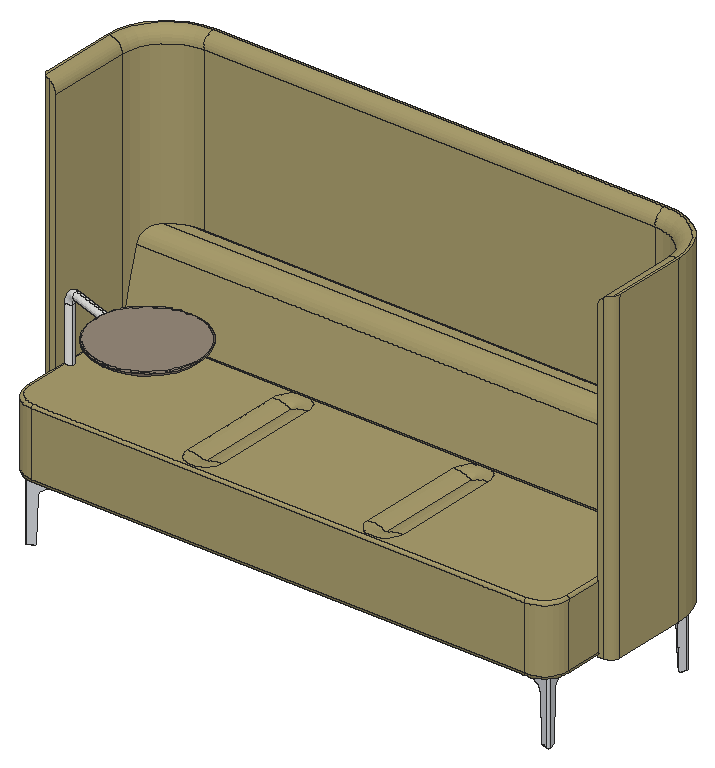
Revit family "NAU_Naughtone_Stng_PullmanSofaWIP20", category Furniture, Revit 2017
Family settings
  OmniClass Number = 23.40.20.00
  OmniClass Title = General Furniture and Specialties
  Work Plane-Based = No
  Always vertical = Yes
  Cut with Voids When Loaded = No
  Shared = Yes
  Room Calculation Point = No
Parameters (values of type "Pullman 3 seat sofa with tablet arm (right) PUL3HTR")
  WorksurfaceArea = 0.00 m²
  WarrantyStartDate [instance] = "1900-12-31T23:59:59"
  WarrantyGuarantorParts = "sales@naughtone.com"
  WarrantyGuarantorLabor = "sales@naughtone.com"
  WarrantyDurationUnit = "year"
  WarrantyDurationParts = "7"  # constant formula
  WarrantyDurationLabor = "7"  # constant formula
  WarrantyDescription = "Request warranty information from naughtone"
  Version = "1"
  Uniclass2015Version = "Products v1.15"  # constant formula
  Uniclass2015Title = "Chairs, seats and benches"  # constant formula
  Uniclass2015Code = "Pr_40_50_12"  # constant formula
  Uniclass2 = "n/a"
  URL = "www.naughtone.com"
  TagNumber [instance] = "n/a"
  TabletMaterial = NAU_Naughtone_Wood_Oak
  TableOffset = 421 mm
  SustainabilityPerformance = "FSC certifeied, SCS indoor advantage gold"  # constant formula
  Style = "n/a"
  Size = "1900 x 675 x 1300mm\r\n\r\n"  # constant formula
  Shape = "Rectangular"  # constant formula
  SerialNumber [instance] = "n/a"
  SeatingHeight [instance] = 450 mm  # constant formula
  SeatMaterial = NAU_Maharam_Fabric_Teatro_007Yellow
  Revision = "n/a"
  ReplacementCost = "n/a"
  ProductInformation = "www.naughtone.com/products/pullman/"
  NumberOfChairs = 0
  NominalWidth = 626 mm  # constant formula
  NominalLength = 1900 mm  # constant formula
  NominalHeight = 1300 mm  # constant formula
  Name = "Seating_Pullman_Pullman3seatsofawithtabletarmright_Naughtone"
  NBSTypeID = "n/a"
  NBSReference = "45-35-72/352"
  NBSOfficeMasterTag = "n/a"
  NBSDescription = "Seating"
  ModelReference = "Pullman 3 seat sofa with tablet arm right"
  ModelNumber = "PUL3HTR"
  Model = ModelNumber  # "PUL3HTR"
  Material = "Fabric, plywood frame, foam, steel or wood legs, steel tablet arm, wooden table top"
  ManufacturerURL = "www.naughtone.com"
  ManufacturerName = "Naughtone"  # constant formula
  ManufacturerAddress = "Knaresborough Tech Park, Manse Lane, Knaresborough, HG5 8LF"  # constant formula
  Manufacturer = "sales@naughtone.com"
  MainColor = Color  # "Various"
  LowestSeatingHeight [instance] = 450 mm  # constant formula
  LegMaterial = NAU_Naughtone_Metal_Steel_White
  Keynote = Uniclass2015Code  # "Pr_40_50_12"
  IsRightTablet = yes
  IsLeftTablet = no
  InstallationDate [instance] = "1900-12-31T23:59:59"
  IfcExportType = "SOFA"  # constant formula
  IfcExportAs = "IfcFurnishingElementType"
  HighestSeatingHeight [instance] = 450 mm  # constant formula
  HasBackBoard = yes
  Grade = "n/a"
  FrameMaterial = NAU_Naughtone_EPC_White
  Finish = "Fabric upholstery; white EPC/black EPC/oak/walnut legs; whiteEPC/black EPC tablet arm; white MFMDF/black MFMDF/oak veneer MDF/walnut veneerMDF tablet top"
  Features = "n/a"
  ExpectedLife = "n/a"
  DurationUnit = "year"
  Description = ModelReference  # "Pullman 3 seat sofa with tablet arm right"
  CushionOffset = if(NominalLength = 1900 mm, 700 mm, 10 mm)  # 700 mm
  ContactTelephoneNumber = "+44 (0)1423 816500"  # constant formula
  ContactEmailAddress = "sales@naughtone.com"
  Constituents = "n/a"
  Color = "Various"
  CodePerformance = "n/a"
  Category = "Pr_40_50_12 : Chairs, seats and benches"  # constant formula
  BoothMaterial = NAU_Maharam_Fabric_Teatro_007Yellow
  BarCode [instance] = "n/a"
  BIMObjectName = "NAU_Naughtone_Seating_Pullman_Pullman3seatsofawithtabletarmright"
  Author = "BIMBox"  # constant formula
  AssetType = "Movable"
  AssetIdentifier [instance] = "n/a"
  Assembly Code = "E2020200"
  AccessibilityPerformance = "n/a"  # constant formula
Types (4, lengths in mm): name | Name | ModelReference | ModelNumber | Model | Material | IsRightTablet | IsLeftTablet | Finish | Description | BIMObjectName
  Pullman 3 seat sofa with 2 tablet arms PUL3HT2 | "Seating_Pullman_Pullman3seatsofawith2tabletarms_Naughtone" | "Pullman 3 seat sofa with 2 tablet arms" | "PUL3HT2" | "PUL3HT2" | "Fabric, plywood frame, foam, steel or wood legs, steel tablet arm, wooden table top" | yes | yes | "Fabric upholstery; white EPC/black EPC/oak/walnut legs; whiteEPC/black EPC tablet arm; white MFMDF/black MFMDF/oak veneer MDF/walnut veneerMDF tablet top" | "Pullman 3 seat sofa with 2 tablet arms" | "NAU_Naughtone_Seating_Pullman_Pullman3seatsofawith2tabletarms"
  Pullman 3 seat sofa with tablet arm (left) PUL3HTL | "Seating_Pullman_Pullman3seatsofawithtabletarmleft_Naughtone" | "Pullman 3 seat sofa with tablet arm left" | "PUL3HTL" | "PUL3HTL" | "Fabric, plywood frame, foam, steel or wood legs, steel tablet arm, wooden table top" | no | yes | "Fabric upholstery; white EPC/black EPC/oak/walnut legs; whiteEPC/black EPC tablet arm; white MFMDF/black MFMDF/oak veneer MDF/walnut veneerMDF tablet top" | "Pullman 3 seat sofa with tablet arm left" | "NAU_Naughtone_Seating_Pullman_Pullman3seatsofawithtabletarmleft"
  Pullman 3 seat sofa with tablet arm (right) PUL3HTR | "Seating_Pullman_Pullman3seatsofawithtabletarmright_Naughtone" | "Pullman 3 seat sofa with tablet arm right" | "PUL3HTR" | "PUL3HTR" | "Fabric, plywood frame, foam, steel or wood legs, steel tablet arm, wooden table top" | yes | no | "Fabric upholstery; white EPC/black EPC/oak/walnut legs; whiteEPC/black EPC tablet arm; white MFMDF/black MFMDF/oak veneer MDF/walnut veneerMDF tablet top" | "Pullman 3 seat sofa with tablet arm right" | "NAU_Naughtone_Seating_Pullman_Pullman3seatsofawithtabletarmright"
  Pullman 3 seat sofa PUL3H | "Seating_Pullman_Pullman3seatsofa_Naughtone\r\nSeating_Pullman_Pullman3seatsofa_Naughtone" | "Pullman 3 seat sofa" | "PULB3H" | "PULB3H" | "Fabric, plywood frame, foam, steel or wood legs" | no | no | "Fabric upholstery; white EPC/black EPC/oak/walnut legs" | "Pullman 3 seat sofa" | "NAU_Naughtone_Seating_Pullman_Pullman3seatsofa"
Reference planes
  plane 1 "Back": x = 338.202
  plane 2: z = 0
  plane 3: x = -1561.798
  plane 4: x = -1515.496
  plane 5: x = -1523.987
  plane 6: x = 290.851
  plane 7: x = 299.342
  plane 8: x = -611.798
  plane 9: x = -311.798
  plane 10: x = -911.798
  plane 11: y = -637
  plane 12: y = -1263
  plane 13: y = -950
  plane 14 "AA": through (-1386.624, -1060.463, 1200) normal (0.3256, 0.9455, 0)
  plane 15: z = 692.191
  plane 16: z = 686.19
  plane 17: z = 674.191
  plane 18: z = 674.191
  plane 19: z = 671.058
  plane 20: y = -587
  plane 21: z = 212.778
  plane 22: z = 1293.743
  plane 23: through (163.028, -1060.463, 1200) normal (0.3256, -0.9455, 0)
  plane 24: x = -1140.798
  plane 25: x = -82.798
  plane 26: y = -1145.102
  plane 27: y = -1020.99
  plane 28: x = -1498.452
  plane 29: x = 274.856
  plane 30: z = 391.058
  plane 31: z = 218.999
  plane 32: x = -1611.798
  plane 33: x = 388.202
Forms (mm)
  Extrusion 1, solid, material "NAU_Maharam_Fabric_Teatro_007Yellow" <- "SeatMaterial"
    sketch origin (-262.322, -1561.798, 0) x (0, -1, 0) y (1, 0, 0)
      loop
        arc (-924.448, -1100.524) -> (-880.514, -1206.59) -> (-774.448, -1250.524) r 150
        line (-774.448, -1250.524) -> (-380.798, -1250.524)
        arc (-380.798, -1250.524) -> (-322.815, -1226.507) -> (-298.798, -1168.524) r 82
        line (-298.798, -1168.524) -> (-298.798, 468.524)
        arc (-298.798, 468.524) -> (-322.815, 526.507) -> (-380.798, 550.524) r 82
        line (-380.798, 550.524) -> (-774.448, 550.524)
        arc (-774.448, 550.524) -> (-880.514, 506.59) -> (-924.448, 400.524) r 150
        line (-924.448, 400.524) -> (-924.448, -1100.524)
    from 212.711 to 442.875
  Sweep 2, void
    path in 3D
      loop
        arc (206.202, -1263, 442.875) -> (264.185, -1238.983, 442.875) -> (288.202, -1181, 442.875) r 82
        line (288.202, -1181, 442.875) -> (288.202, -787.35, 442.875)
        arc (288.202, -787.35, 442.875) -> (244.268, -681.284, 442.875) -> (138.202, -637.35, 442.875) r 150
        line (138.202, -637.35, 442.875) -> (-1362.847, -637.35, 442.875)
        arc (-1362.847, -637.35, 442.875) -> (-1468.913, -681.284, 442.875) -> (-1512.847, -787.35, 442.875) r 150
        line (-1512.847, -787.35, 442.875) -> (-1512.847, -1181, 442.875)
        arc (-1512.847, -1181, 442.875) -> (-1488.83, -1238.983, 442.875) -> (-1430.847, -1263, 442.875) r 82
        line (-1430.847, -1263, 442.875) -> (206.202, -1263, 442.875)
    profile origin (-612.322, -1263, 442.875) x (0, 1, 0) y (0, 0, 1)
      loop
        line (0, 0) -> (0, -10)
        arc (0, -10) -> (2.929, -2.929) -> (10, 0) r 10
        line (10, 0) -> (0, 0)
      loop
        line (0, -230.163) -> (10, -230.163)
        arc (10, -230.163) -> (2.929, -227.234) -> (0, -220.163) r 10
        line (0, -220.163) -> (0, -230.163)
  Extrusion 3, solid, material "NAU_Maharam_Fabric_Teatro_007Yellow" <- "SeatMaterial"
    sketch origin (338.202, 0, 0) x (0, -1, 0) y (0, 0, 1)
      loop
        arc (779.96, 442.875) -> (784.651, 445.112) -> (785.864, 450.166) r 6.036
        line (785.864, 450.166) -> (738.92, 671.018)
        arc (738.92, 671.018) -> (717.991, 705.173) -> (680.231, 718.544) r 60
        line (680.231, 718.544) -> (644.35, 718.544)
        arc (644.35, 718.544) -> (639.4, 716.494) -> (637.35, 711.544) r 7
        line (637.35, 711.544) -> (637.35, 442.875) -> (779.96, 442.875)
    from -50 to 1950
  Extrusion 4, void
    sketch origin (338.202, -1561.798, 0) x (1, 0, 0) y (0, 0, 1)
      loop
        line (-590.909, 442.875) -> (-709.091, 442.875)
        arc (-709.091, 442.875) -> (-678.783, 439.455) -> (-650, 429.368) r 136.01
        arc (-650, 429.368) -> (-621.217, 439.455) -> (-590.909, 442.875) r 136.01
    from -370.9 to -724.9
  Extrusion 5, void
    sketch origin (338.202, -1561.798, 0) x (1, 0, 0) y (0, 0, 1)
      loop
        line (-1190.909, 442.875) -> (-1309.091, 442.875)
        arc (-1309.091, 442.875) -> (-1278.783, 439.455) -> (-1250, 429.368) r 136.01
        arc (-1250, 429.368) -> (-1221.217, 439.455) -> (-1190.909, 442.875) r 136.01
    from -724.9 to -370.9
  Revolve 6, void
    sketch origin (338.202, -1190.898, 0) x (1, 0, 0) y (0, 0, 1)
      loop
        arc (-709.091, 442.875) -> (-678.783, 439.455) -> (-650, 429.368) r 136.01
        line (-650, 429.368) -> (-650, 442.875) -> (-709.091, 442.875)
      axis (-650, 442.875) -> (-650, 429.368)
    angle from -180 to 0
  Revolve 7, void
    sketch origin (338.202, -836.898, 0) x (1, 0, 0) y (0, 0, 1)
      loop
        arc (-650, 429.368) -> (-621.217, 439.455) -> (-590.909, 442.875) r 136.01
        line (-590.909, 442.875) -> (-650, 442.875) -> (-650, 429.368)
      axis (-650, 442.875) -> (-650, 429.368)
    angle from 0 to 180
  Revolve 8, void
    sketch origin (338.202, -1190.898, 0) x (1, 0, 0) y (0, 0, 1)
      loop
        arc (-1309.091, 442.875) -> (-1278.783, 439.455) -> (-1250, 429.368) r 136.01
        line (-1250, 429.368) -> (-1250, 442.875) -> (-1309.091, 442.875)
      axis (-1250, 429.368) -> (-1250, 442.875)
    angle from -180 to 0
  Revolve 9, void
    sketch origin (338.202, -836.898, 0) x (1, 0, 0) y (0, 0, 1)
      loop
        arc (-1250, 429.368) -> (-1221.217, 439.455) -> (-1190.909, 442.875) r 136.01
        line (-1190.909, 442.875) -> (-1250, 442.875) -> (-1250, 429.368)
      axis (-1250, 429.368) -> (-1250, 442.875)
    angle from 0 to 180
  Extrusion 10, solid, material "NAU_Maharam_Fabric_Teatro_007Yellow" <- "BoothMaterial", visible <- "HasBackBoard"
    sketch origin (-90.01, -1561.169, 0) x (0, -1, 0) y (1, 0, 0)
      loop
        line (-774.169, -1471.788) -> (-530, -1471.788)
        arc (-530, -1471.788) -> (-508.787, -1463.001) -> (-500, -1441.788) r 30
        line (-500, -1441.788) -> (-500, -1421.788) -> (-774.169, -1421.788)
        arc (-774.169, -1421.788) -> (-880.235, -1377.854) -> (-924.169, -1271.788) r 150
        line (-924.169, -1271.788) -> (-924.169, 228.212)
        arc (-924.169, 228.212) -> (-880.235, 334.278) -> (-774.169, 378.212) r 150
        line (-774.169, 378.212) -> (-500, 378.212) -> (-500, 398.212)
        arc (-500, 398.212) -> (-508.787, 419.426) -> (-530, 428.212) r 30
        line (-530, 428.212) -> (-774.169, 428.212)
        arc (-774.169, 428.212) -> (-915.59, 369.634) -> (-974.169, 228.212) r 200
        line (-974.169, 228.212) -> (-974.169, -1271.788)
        arc (-974.169, -1271.788) -> (-915.59, -1413.209) -> (-774.169, -1471.788) r 200
    from 212.778 to 1293.743
  Sweep 11, void
    path in 3D
      loop
        line (-1511.798, -1061.169, 1293.743) -> (-1511.798, -787, 1293.743)
        arc (-1511.798, -787, 1293.743) -> (-1467.864, -680.934, 1293.743) -> (-1361.798, -637, 1293.743) r 150
        line (-1361.798, -637, 1293.743) -> (138.202, -637, 1293.743)
        arc (138.202, -637, 1293.743) -> (244.268, -680.934, 1293.743) -> (288.202, -787, 1293.743) r 150
        line (288.202, -787, 1293.743) -> (288.202, -1061.169, 1293.743)
    profile origin (-1511.798, -924.084, 1293.743) x (-1, 0, 0) y (0, 0, 1)
      loop
        line (50, 20) -> (-19.448, 20) -> (-19.448, -65) -> (0, -65) -> (0, -41.9)
        arc (0, -41.9) -> (12.272, -12.272) -> (41.9, 0) r 41.9
        line (41.9, 0) -> (50, 0) -> (50, 20)
  Extrusion 12, void
    sketch origin (-90.01, -1561.169, 0) x (0, -1, 0) y (1, 0, 0)
      loop
        arc (-774.169, -1421.788) -> (-880.235, -1377.854) -> (-924.169, -1271.788) r 150
        line (-924.169, -1271.788) -> (-924.169, 228.212)
        arc (-924.169, 228.212) -> (-880.235, 334.278) -> (-774.169, 378.212) r 150
        line (-774.169, 378.212) -> (-298.169, 378.212) -> (-298.169, 478.212) -> (-974.169, 478.212) -> (-974.169, -1521.788) -> (-298.169, -1521.788) -> (-298.169, -1421.788) -> (-774.169, -1421.788)
    from 212.778 to 1293.743
Cuts and joins
  Sweep 2, Extrusion 4, Extrusion 5, Revolve 6, Revolve 7, Revolve 8, Revolve 9 cuts Extrusion 1
  Sweep 11 cuts Extrusion 10
  Extrusion 12 cuts Extrusion 3
Lines and regions (mm)
  sketch lines
    curve 1: line (-1430.847, -1263, 442.875) -> (206.202, -1263, 442.875)
    curve 2: arc (288.202, -1181, 442.875) -> (264.185, -1238.983, 442.875) -> (206.202, -1263, 442.875) r 82
    curve 3: line (288.202, -1181, 442.875) -> (288.202, -787.35, 442.875)
    curve 4: arc (138.202, -637.35, 442.875) -> (244.268, -681.284, 442.875) -> (288.202, -787.35, 442.875) r 150
    curve 5: line (138.202, -637.35, 442.875) -> (-1362.847, -637.35, 442.875)
    curve 6: arc (-1512.847, -787.35, 442.875) -> (-1468.913, -681.284, 442.875) -> (-1362.847, -637.35, 442.875) r 150
    curve 7: line (-1512.847, -787.35, 442.875) -> (-1512.847, -1181, 442.875)
    curve 8: arc (-1430.847, -1263, 442.875) -> (-1488.83, -1238.983, 442.875) -> (-1512.847, -1181, 442.875) r 82
    curve 9: line (-1511.798, -1061.169, 1293.743) -> (-1511.798, -787, 1293.743)
    curve 10: arc (-1361.798, -637, 1293.743) -> (-1467.864, -680.934, 1293.743) -> (-1511.798, -787, 1293.743) r 150
    curve 11: line (-1361.798, -637, 1293.743) -> (138.202, -637, 1293.743)
    curve 12: arc (288.202, -787, 1293.743) -> (244.268, -680.934, 1293.743) -> (138.202, -637, 1293.743) r 150
    curve 13: line (288.202, -787, 1293.743) -> (288.202, -1061.169, 1293.743)
Dimensions and locks
  "NominalLength": plane 1 "Back" to plane 3
  plane 4 to plane 5 to plane 3 = 8.491 mm locked, 37.811 mm locked
  plane 6 to plane 7 to plane 1 "Back" = 8.491 mm locked, 38.86 mm locked
  equal spacing: plane 1 "Back", plane 8, plane 3
  Extrusion 4 sketch curve to plane 9 to Extrusion 4 sketch curve = 59.091 mm locked, 59.091 mm locked
  Extrusion 4 sketch curve to Extrusion 4 sketch curve to plane 2 = 0 mm locked, 306.865 mm locked
  locked: plane 9 to plane 1 "Back" at 650
  Extrusion 5 sketch curve to Extrusion 5 sketch curve to plane 2 = 0 mm locked, 306.865 mm locked
  Extrusion 3 sketch curve to Extrusion 3 sketch curve to Extrusion 3 sketch curve to Extrusion 3 sketch curve to Extrusion 3 sketch curve to plane 2 = 7 mm locked, 53 mm locked, 209.633 mm locked, 6.036 mm locked, 442.875 mm locked
  Extrusion 5 sketch curve to plane 10 to Extrusion 5 sketch curve = 59.091 mm locked, 59.091 mm locked
  plane 6 to Extrusion 1 sketch curve to Extrusion 1 sketch curve = 84.649 mm locked, 68 mm locked
  plane 4 to Extrusion 1 sketch curve to Extrusion 1 sketch curve = 84.649 mm locked, 68 mm locked
  locked: Extrusion 3 to Extrusion 1 sketch curve at 625.65
  "NominalWidth": plane 11 to plane 12
  equal spacing: plane 11, plane 13, plane 12
  locked: plane 3 to plane 10 at 650
  plane 15 to plane 16 to plane 17 = 6.001 mm locked, 11.999 mm locked
  locked: plane 15 to plane 2 at 692.191
  locked: plane 18 to plane 19 at 3.133
  plane 3 to Extrusion 10 sketch curve to Extrusion 10 sketch curve = 30 mm locked, 170 mm locked
  locked: plane 20 to plane 11 at 50
  locked: Extrusion 10 sketch curve to Extrusion 10 sketch curve at 170
  plane 11 to Extrusion 10 sketch curve to Extrusion 10 sketch curve = 150 mm locked, 244.169 mm locked  (x2)
  locked: plane 21 to plane 22 at 1080.965
  locked: plane 2 to plane 21 at 212.778
  "TableOffset": plane 3 to plane 24
  "TableOffset": plane 25 to plane 1 "Back"
  locked: plane 12 to plane 26 at 117.898
  locked: plane 3 to plane 28 at 63.346
  locked: plane 27 to plane 12 at 242.01
  locked: plane 29 to plane 1 "Back" at 63.346
  locked: plane 30 to plane 21 at 178.28
  locked: plane 21 to plane 2 at 212.778
  locked: plane 31 to plane 21 at 6.221
  locked: plane 32 to plane 3 at 50
  locked: plane 1 "Back" to plane 33 at 50
  locked: plane 22 to plane 2 at 1293.743
  locked: plane 14 "AA" to plane 12 (angle 19.00°)
  locked: plane 12 to plane 23 (angle 19.00°)
  aligned and locked: level to plane 2
  aligned and locked: nested 2 to plane 5
  aligned and locked: nested 3 to plane 7
  aligned and locked: Revolve 6 sketch curve to cut or joined group of Extrusion 1, Sweep 2, Extrusion 4, Extrusion 5, Revolve 6, Revolve 7, Revolve 8, Revolve 9
  aligned and locked: plane 9 to Revolve 6 sketch curve
  aligned and locked: Revolve 6 sketch curve to plane 9
  aligned and locked: Revolve 7 sketch curve to cut or joined group of Extrusion 1, Sweep 2, Extrusion 4, Extrusion 5, Revolve 6, Revolve 7, Revolve 8, Revolve 9
  aligned and locked: cut or joined group of Extrusion 1, Sweep 2, Extrusion 4, Extrusion 5, Revolve 6, Revolve 7, Revolve 8, Revolve 9 to Revolve 7 sketch curve
  aligned and locked: plane 9 to Revolve 7 sketch curve
  aligned and locked: Revolve 7 sketch curve to plane 9
  aligned and locked: Revolve 8 sketch curve to cut or joined group of Extrusion 1, Sweep 2, Extrusion 4, Extrusion 5, Revolve 6, Revolve 7, Revolve 8, Revolve 9
  aligned and locked: cut or joined group of Extrusion 1, Sweep 2, Extrusion 4, Extrusion 5, Revolve 6, Revolve 7, Revolve 8, Revolve 9 to Revolve 8 sketch curve
  aligned and locked: plane 10 to Revolve 8 sketch curve
  aligned and locked: Revolve 8 sketch curve to plane 10
  aligned and locked: Revolve 9 sketch curve to cut or joined group of Extrusion 1, Sweep 2, Extrusion 4, Extrusion 5, Revolve 6, Revolve 7, Revolve 8, Revolve 9
  aligned and locked: cut or joined group of Extrusion 1, Sweep 2, Extrusion 4, Extrusion 5, Revolve 6, Revolve 7, Revolve 8, Revolve 9 to Revolve 9 sketch curve
  aligned and locked: plane 10 to Revolve 9 sketch curve
  aligned and locked: Revolve 9 sketch curve to plane 10
  aligned and locked: Extrusion 10 sketch curve to plane 20
  aligned and locked: plane 11 to Extrusion 10 sketch curve
  aligned and locked: plane 21 to Extrusion 10
  aligned and locked: Extrusion 10 to plane 22
  aligned and locked: plane 25 to nested 4
  aligned and locked: nested 5 to plane 24
  aligned and locked: plane 26 to nested 5
  aligned and locked: nested 5 to plane 27
  aligned and locked: nested 5 to plane 28
  aligned and locked: nested 5 to plane 30
  aligned and locked: plane 30 to nested 4
  aligned and locked: plane 31 to nested 2
  aligned and locked: nested 1 to plane 31
  aligned and locked: nested 3 to plane 31
  aligned and locked: Extrusion 3 to plane 32
  aligned and locked: Extrusion 3 to plane 33
  aligned and locked: Extrusion 12 sketch curve to plane 33
  aligned and locked: plane 32 to Extrusion 12 sketch curve
  aligned and locked: plane 12 to Extrusion 12 sketch curve
  aligned and locked: Extrusion 12 sketch curve to plane 12
  aligned and locked: Extrusion 12 sketch curve to plane 20
  aligned and locked: plane 21 to Extrusion 12
  aligned and locked: Extrusion 12 to plane 22
Automatic sketch dimensions
  Extrusion 1 sketch curve to Extrusion 1 sketch curve = 82 mm
  plane 12 to Extrusion 1 sketch curve = 82 mm
  Extrusion 1 sketch curve to plane 11 = 150.35 mm
  Sweep 2 sketch curve to profile plane = 0 mm  (x3)
  Sweep 2 sketch curve to profile plane = 10 mm  (x2)
  Sweep 2 sketch curve to Sweep 2 sketch curve = 210.163 mm
  Extrusion 3 sketch curve to plane 11 = 0.35 mm
  Extrusion 3 sketch curve to plane 11 = 43.231 mm
  Extrusion 3 sketch curve to Extrusion 3 sketch curve = 58.689 mm
  Extrusion 3 sketch curve to Extrusion 3 sketch curve = 142.61 mm
  Extrusion 3 sketch curve to Extrusion 3 sketch curve = 5.904 mm
  plane 9 to Extrusion 4 sketch curve = 0 mm
  Extrusion 4 sketch curve to Extrusion 4 sketch curve = 0 mm  (x3)
  Extrusion 4 sketch curve to Extrusion 4 sketch curve = 122.503 mm
  Extrusion 5 sketch curve to plane 10 = 0 mm
  Extrusion 5 sketch curve to Extrusion 5 sketch curve = 0 mm  (x3)
  Extrusion 5 sketch curve to Extrusion 5 sketch curve = 122.503 mm
  Revolve 6 sketch curve to Extrusion 4 = 0 mm
  Revolve 6 sketch curve to Revolve 6 sketch curve = 0 mm
  Revolve 6 sketch curve to Revolve 6 sketch curve = 611.665 mm
  Revolve 6 sketch curve to Extrusion 4 = 1995.525 mm
  Revolve 7 sketch curve to Revolve 7 sketch curve = 0 mm
  Revolve 7 sketch curve to Revolve 7 sketch curve = 611.665 mm
  Extrusion 4 to Revolve 7 sketch curve = 1995.525 mm
  Revolve 8 sketch curve to Revolve 8 sketch curve = 0 mm
  Revolve 8 sketch curve to Revolve 8 sketch curve = 607.043 mm
  Revolve 8 sketch curve to Extrusion 5 = 2000.147 mm
  Revolve 9 sketch curve to Revolve 9 sketch curve = 0 mm
  Revolve 9 sketch curve to Revolve 9 sketch curve = 611.665 mm
  Extrusion 5 to Revolve 9 sketch curve = 1995.525 mm
  Extrusion 10 sketch curve to Extrusion 10 sketch curve = 0 mm  (x6)
  Extrusion 10 sketch curve to plane 1 "Back" = 0 mm
  Sweep 11 sketch curve to profile plane = 0 mm  (x2)
  Sweep 11 sketch curve to Sweep 11 sketch curve = 19.448 mm
  Sweep 11 sketch curve to profile plane = 41.9 mm
  Sweep 11 sketch curve to Sweep 11 sketch curve = 8.1 mm
  Sweep 11 sketch curve to Sweep 11 sketch curve = 23.1 mm
  profile plane to Sweep 11 sketch curve = 20 mm
  Extrusion 12 sketch curve to plane 11 = 0 mm
  Extrusion 12 sketch curve to Extrusion 12 sketch curve = 150 mm
  Extrusion 12 sketch curve to plane 11 = 150 mm
  Extrusion 12 sketch curve to plane 4 = 3.698 mm
  Extrusion 12 sketch curve to plane 29 = 136.654 mm  (x2)
Nested families
  nested 1: "Naughtone_Pullman_Leg" at (-1543.472, -661.062, 0) x (0, -1, 0) z (0, 0, 1), type "Naughtone_Pullman_Leg"
  nested 2: "Naughtone_Pullman_Leg" at (-1523.987, -1237.437, 0) x (0, 1, 0) z (0, 0, 1), type "Naughtone_Pullman_Leg"
  nested 3: "Naughtone_Pullman_Leg" at (299.342, -1237.437, 0) x (0, 1, 0) z (0, 0, 1), type "Naughtone_Pullman_Leg"
  nested 4: "Table" at (-82.584, -1145.897, 0) x (-1, 0.0012, 0) z (0, 0, 1), FrameMaterial <- "FrameMaterial", TableTopMaterial <- "TabletMaterial", visible <- "IsLeftTablet", type "Table"
    with TableTopMaterial NAU_Naughtone_Wood_Oak, FrameMaterial NAU_Naughtone_EPC_White
  nested 5: "Table" at (-1140.798, -1145.102, 0), FrameMaterial <- "FrameMaterial", TableTopMaterial <- "TabletMaterial", visible <- "IsRightTablet", type "Table"
    with TableTopMaterial NAU_Naughtone_Wood_Oak, FrameMaterial NAU_Naughtone_EPC_White
  nested 6: "Naughtone_Pullman_Leg" at (319.876, -661.062, 0) x (0, -1, 0) z (0, 0, 1), type "Naughtone_Pullman_Leg"
Definition of nested family "Naughtone_Pullman_Leg"
  Parameters (values of type "Naughtone_Pullman_Leg")
    LegMaterial [instance] = none
  Reference planes
    plane 1 "Center (Front/Back)": y = 0
    plane 2: z = 0
    plane 3 "Center (Left/Right)": x = 0
  Forms (mm)
    Extrusion 1, solid, material <- "LegMaterial"
      sketch origin (9.997, 40.77, 0) x (1, 0, 0) y (0, 1, 0)
        loop
          arc (0.355, 8.045) -> (1.75, 1.753) -> (8.042, 0.358) r 5.997
          line (8.042, 0.358) -> (158.972, 55.291)
          arc (158.972, 55.291) -> (162.144, 58.907) -> (160.798, 63.525) r 5
          line (160.798, 63.525) -> (63.521, 160.802)
          arc (63.521, 160.802) -> (58.903, 162.148) -> (55.287, 158.976) r 5
          line (55.287, 158.976) -> (0.355, 8.045)
      from 0 to 218.999
    Extrusion 2, void
      sketch origin (9.997, 40.77, 0) x (-0.707107, -0.707107, 0) y (0, 0, 1)
        loop
          line (-0.481, 0.479) -> (-21.781, 0.479)
          arc (-21.781, 0.479) -> (-25.79, 2.099) -> (-27.548, 6.048) r 5.77
          line (-27.548, 6.048) -> (-32.467, 146.913)
          arc (-32.467, 146.913) -> (-37.752, 161.432) -> (-50.561, 170.072) r 25
          line (-50.561, 170.072) -> (-170.481, 204.458) -> (-170.481, -2.056) -> (-0.481, -2.056) -> (-0.481, 0.479)
      from -80 to 80
    Extrusion 3, void
      sketch origin (9.997, 40.77, 0) x (1, 0, 0) y (0, 1, 0)
        loop
          line (21.994, 71.996) -> (-2.374, 71.996) -> (-2.374, -2.326) -> (71.994, -2.326) -> (71.994, 21.996) -> (26.994, 21.996)
          arc (26.994, 21.996) -> (23.458, 23.461) -> (21.994, 26.996) r 5
          line (21.994, 26.996) -> (21.994, 71.996)
      from 209.95 to 218.999
    Extrusion 4, solid
      sketch origin (9.997, 40.77, 0) x (1, 0, 0) y (0, 1, 0)
        loop
          arc (0.829, 7.885) -> (2.11, 2.111) -> (7.883, 0.831) r 5.504
          line (7.883, 0.831) -> (20.509, 5.426)
          arc (20.509, 5.426) -> (21.777, 6.872) -> (21.239, 8.718) r 1.999
          line (21.239, 8.718) -> (8.722, 21.235)
          arc (8.722, 21.235) -> (6.87, 21.775) -> (5.419, 20.503) r 2.005
          line (5.419, 20.503) -> (0.829, 7.885)
      from 0 to 3.999
  Cuts and joins
    Extrusion 2, Extrusion 3 cuts Extrusion 1
  Dimensions and locks
    aligned and locked: level to plane 2
Definition of nested family "Table"
  Parameters (values of type "Table")
    TableTopMaterial [instance] = none
    FrameMaterial [instance] = none
  Reference planes
    plane 1 "Center (Front/Back)": y = 0
    plane 2: z = 0
    plane 3 "Center (Left/Right)": x = 0
    plane 4: through (12.409, -3.407, 1200) normal (-0.3267, -0.9451, 0)
    plane 5: x = -357.654
    plane 6: y = 124.112
  Forms (mm)
    Extrusion 1, solid, material <- "TableTopMaterial"
      sketch origin (1142.275, 1145.562, 0) x (1, 0, 0) y (0, 1, 0)
        loop
          circle (-1142.275, -1145.562) r 175
      from 674.191 to 692.191
    Sweep 2, void
      path in 3D
        loop
          arc (-175, 0, 692.191) -> (0, 175, 692.191) -> (175, 0, 692.191) r 175
          arc (175, 0, 692.191) -> (0, -175, 692.191) -> (-175, 0, 692.191) r 175
      profile origin (0, -175, 692.191) x (0, -1, 0) y (0, 0, 1)
        loop
          line (0, -6.001) -> (-11.999, -18) -> (0, -18) -> (0, -6.001)
    Sweep 3, solid, material <- "FrameMaterial"
      path in 3D
        loop
          line (-357.654, 124.112, 391.058) -> (-357.654, 124.112, 621.689)
          arc (-357.654, 124.112, 621.689) -> (-347.499, 120.615, 647.618) -> (-322.982, 112.174, 658.358) r 36.669
          line (-322.982, 112.174, 658.358) -> (44.086, -14.218, 658.358)
      profile origin (-139.448, 48.978, 658.358) x (0, 0, -1) y (0.325568, 0.945519, 0)
        loop
          circle (0, 0) r 12.5
    Extrusion 4, solid, material <- "TableTopMaterial"
      sketch origin (1142.275, 1145.562, 0) x (1, 0, 0) y (0, 1, 0)
        loop
          circle (-1142.275, -1145.562) r 50
      from 671.058 to 674.191
    Sweep 5, void
      path in 3D
        loop
          arc (175, 0, 692.191) -> (0, -175, 692.191) -> (-175, 0, 692.191) r 175
          arc (-175, 0, 692.191) -> (0, 175, 692.191) -> (175, 0, 692.191) r 175
      profile origin (0, 175, 692.191) x (0, 1, 0) y (0, 0, 1)
        loop
          line (0, 0) -> (-2, 0)
          arc (-2, 0) -> (-0.586, -0.586) -> (0, -2) r 2
          line (0, -2) -> (0, 0)
  Cuts and joins
    Sweep 2, Sweep 5 cuts Extrusion 1
  Lines and regions (mm)
    sketch lines
      curve 1: arc (175, 0, 692.191) -> (0, -175, 692.191) -> (-175, 0, 692.191) r 175
      curve 2: arc (-175, 0, 692.191) -> (0, 175, 692.191) -> (175, 0, 692.191) r 175
      curve 3: line (-322.982, 112.174, 658.358) -> (44.086, -14.218, 658.358)
      curve 4: arc (-357.654, 124.112, 621.689) -> (-347.499, 120.615, 647.618) -> (-322.982, 112.174, 658.358) r 36.669
      curve 5: line (-357.654, 124.112, 621.689) -> (-357.654, 124.112, 391.058)
      curve 6: arc (-175, 0, 692.191) -> (0, 175, 692.191) -> (175, 0, 692.191) r 175
      curve 7: arc (175, 0, 692.191) -> (0, -175, 692.191) -> (-175, 0, 692.191) r 175
  Dimensions and locks
    aligned and locked: level to plane 2
